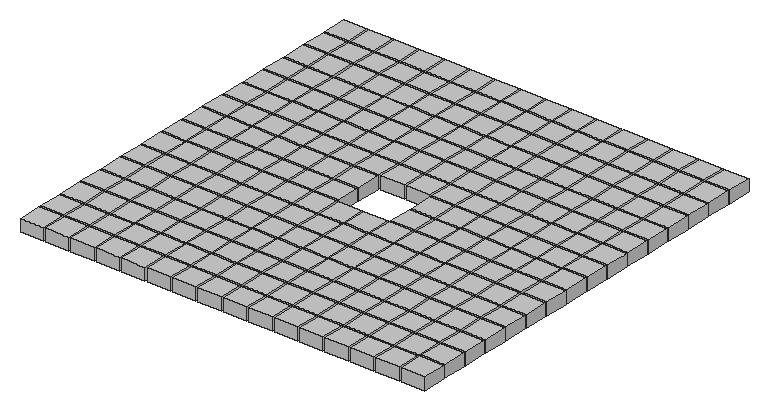
Revit family "Alcorque Ecológico", category Furniture, Revit 2020 (continued)
Dimensions and locks (m)
  equal spacing: plane 6129, plane 6130, plane 6131, plane 6132, plane 6133, plane 6134
  equal spacing: plane 6140, plane 6139, plane 6138, plane 6137, plane 6136, plane 6135
  equal spacing: plane 6141, plane 6142, plane 6143, plane 6144, plane 6145, plane 6146
  equal spacing: plane 6152, plane 6151, plane 6150, plane 6149, plane 6148, plane 6147
  equal spacing: plane 6153, plane 6154, plane 6155, plane 6156, plane 6157, plane 6158
  equal spacing: plane 6164, plane 6163, plane 6162, plane 6161, plane 6160, plane 6159
  equal spacing: plane 6165, plane 6166, plane 6167, plane 6168, plane 6169, plane 6170
  equal spacing: plane 6176, plane 6175, plane 6174, plane 6173, plane 6172, plane 6171
  equal spacing: plane 6177, plane 6178, plane 6179, plane 6180, plane 6181, plane 6182
  equal spacing: plane 6188, plane 6187, plane 6186, plane 6185, plane 6184, plane 6183
  equal spacing: plane 6189, plane 6190, plane 6191, plane 6192, plane 6193, plane 6194
  equal spacing: plane 6200, plane 6199, plane 6198, plane 6197, plane 6196, plane 6195
  equal spacing: plane 6201, plane 6202, plane 6203, plane 6204, plane 6205, plane 6206
  equal spacing: plane 6212, plane 6211, plane 6210, plane 6209, plane 6208, plane 6207
  equal spacing: plane 6213, plane 6214, plane 6215, plane 6216, plane 6217, plane 6218
  equal spacing: plane 6224, plane 6223, plane 6222, plane 6221, plane 6220, plane 6219
  equal spacing: plane 6225, plane 6226, plane 6227, plane 6228, plane 6229, plane 6230
  equal spacing: plane 6236, plane 6235, plane 6234, plane 6233, plane 6232, plane 6231
  equal spacing: plane 6237, plane 6238, plane 6239, plane 6240, plane 6241, plane 6242
  equal spacing: plane 6248, plane 6247, plane 6246, plane 6245, plane 6244, plane 6243
  equal spacing: plane 6249, plane 6250, plane 6251, plane 6252, plane 6253, plane 6254
  equal spacing: plane 6260, plane 6259, plane 6258, plane 6257, plane 6256, plane 6255
  equal spacing: plane 6261, plane 6262, plane 6263, plane 6264, plane 6265, plane 6266
  equal spacing: plane 6272, plane 6271, plane 6270, plane 6269, plane 6268, plane 6267
  equal spacing: plane 6273, plane 6274, plane 6275, plane 6276, plane 6277, plane 6278
  equal spacing: plane 6284, plane 6283, plane 6282, plane 6281, plane 6280, plane 6279
  equal spacing: plane 6285, plane 6286, plane 6287, plane 6288, plane 6289, plane 6290
  equal spacing: plane 6296, plane 6295, plane 6294, plane 6293, plane 6292, plane 6291
  equal spacing: plane 6297, plane 6298, plane 6299, plane 6300, plane 6301, plane 6302
  equal spacing: plane 6308, plane 6307, plane 6306, plane 6305, plane 6304, plane 6303
  equal spacing: plane 6309, plane 6310, plane 6311, plane 6312, plane 6313, plane 6314
  equal spacing: plane 6320, plane 6319, plane 6318, plane 6317, plane 6316, plane 6315
  equal spacing: plane 6321, plane 6322, plane 6323, plane 6324, plane 6325, plane 6326
  equal spacing: plane 6332, plane 6331, plane 6330, plane 6329, plane 6328, plane 6327
  equal spacing: plane 6333, plane 6334, plane 6335, plane 6336, plane 6337, plane 6338
  equal spacing: plane 6344, plane 6343, plane 6342, plane 6341, plane 6340, plane 6339
  equal spacing: plane 6345, plane 6346, plane 6347, plane 6348, plane 6349, plane 6350
  equal spacing: plane 6356, plane 6355, plane 6354, plane 6353, plane 6352, plane 6351
  equal spacing: plane 6357, plane 6358, plane 6359, plane 6360, plane 6361, plane 6362
  equal spacing: plane 6368, plane 6367, plane 6366, plane 6365, plane 6364, plane 6363
  equal spacing: plane 6369, plane 6370, plane 6371, plane 6372, plane 6373, plane 6374
  equal spacing: plane 6380, plane 6379, plane 6378, plane 6377, plane 6376, plane 6375
  equal spacing: plane 6381, plane 6382, plane 6383, plane 6384, plane 6385, plane 6386
  equal spacing: plane 6392, plane 6391, plane 6390, plane 6389, plane 6388, plane 6387
  equal spacing: plane 6393, plane 6394, plane 6395, plane 6396, plane 6397, plane 6398
  equal spacing: plane 6404, plane 6403, plane 6402, plane 6401, plane 6400, plane 6399
  equal spacing: plane 6405, plane 6406, plane 6407, plane 6408, plane 6409, plane 6410
  equal spacing: plane 6416, plane 6415, plane 6414, plane 6413, plane 6412, plane 6411
  equal spacing: plane 6417, plane 6418, plane 6419, plane 6420, plane 6421, plane 6422
  equal spacing: plane 6428, plane 6427, plane 6426, plane 6425, plane 6424, plane 6423
  equal spacing: plane 6429, plane 6430, plane 6431, plane 6432, plane 6433, plane 6434
  equal spacing: plane 6440, plane 6439, plane 6438, plane 6437, plane 6436, plane 6435
  equal spacing: plane 6441, plane 6442, plane 6443, plane 6444, plane 6445, plane 6446
  equal spacing: plane 6452, plane 6451, plane 6450, plane 6449, plane 6448, plane 6447
  equal spacing: plane 6453, plane 6454, plane 6455, plane 6456, plane 6457, plane 6458
  equal spacing: plane 6464, plane 6463, plane 6462, plane 6461, plane 6460, plane 6459
  equal spacing: plane 6465, plane 6466, plane 6467, plane 6468, plane 6469, plane 6470
  equal spacing: plane 6476, plane 6475, plane 6474, plane 6473, plane 6472, plane 6471
  equal spacing: plane 6477, plane 6478, plane 6479, plane 6480, plane 6481, plane 6482
  equal spacing: plane 6488, plane 6487, plane 6486, plane 6485, plane 6484, plane 6483
  equal spacing: plane 6489, plane 6490, plane 6491, plane 6492, plane 6493, plane 6494
  equal spacing: plane 6500, plane 6499, plane 6498, plane 6497, plane 6496, plane 6495
  equal spacing: plane 6501, plane 6502, plane 6503, plane 6504, plane 6505, plane 6506
  equal spacing: plane 6512, plane 6511, plane 6510, plane 6509, plane 6508, plane 6507
  equal spacing: plane 6513, plane 6514, plane 6515, plane 6516, plane 6517, plane 6518
  equal spacing: plane 6524, plane 6523, plane 6522, plane 6521, plane 6520, plane 6519
  equal spacing: plane 6525, plane 6526, plane 6527, plane 6528, plane 6529, plane 6530
  equal spacing: plane 6536, plane 6535, plane 6534, plane 6533, plane 6532, plane 6531
  equal spacing: plane 6537, plane 6538, plane 6539, plane 6540, plane 6541, plane 6542
  equal spacing: plane 6548, plane 6547, plane 6546, plane 6545, plane 6544, plane 6543
  equal spacing: plane 6549, plane 6550, plane 6551, plane 6552, plane 6553, plane 6554
  equal spacing: plane 6560, plane 6559, plane 6558, plane 6557, plane 6556, plane 6555
  equal spacing: plane 6561, plane 6562, plane 6563, plane 6564, plane 6565, plane 6566
  equal spacing: plane 6572, plane 6571, plane 6570, plane 6569, plane 6568, plane 6567
  equal spacing: plane 6573, plane 6574, plane 6575, plane 6576, plane 6577, plane 6578
  equal spacing: plane 6584, plane 6583, plane 6582, plane 6581, plane 6580, plane 6579
  equal spacing: plane 6585, plane 6586, plane 6587, plane 6588, plane 6589, plane 6590
  equal spacing: plane 6596, plane 6595, plane 6594, plane 6593, plane 6592, plane 6591
  equal spacing: plane 6597, plane 6598, plane 6599, plane 6600, plane 6601, plane 6602
  equal spacing: plane 6608, plane 6607, plane 6606, plane 6605, plane 6604, plane 6603
  equal spacing: plane 6609, plane 6610, plane 6611, plane 6612, plane 6613, plane 6614
  equal spacing: plane 6620, plane 6619, plane 6618, plane 6617, plane 6616, plane 6615
  equal spacing: plane 6621, plane 6622, plane 6623, plane 6624, plane 6625, plane 6626
  equal spacing: plane 6632, plane 6631, plane 6630, plane 6629, plane 6628, plane 6627
  equal spacing: plane 6633, plane 6634, plane 6635, plane 6636, plane 6637, plane 6638
  equal spacing: plane 6644, plane 6643, plane 6642, plane 6641, plane 6640, plane 6639
  equal spacing: plane 6645, plane 6646, plane 6647, plane 6648, plane 6649, plane 6650
  equal spacing: plane 6656, plane 6655, plane 6654, plane 6653, plane 6652, plane 6651
  equal spacing: plane 6657, plane 6658, plane 6659, plane 6660, plane 6661, plane 6662
  equal spacing: plane 6668, plane 6667, plane 6666, plane 6665, plane 6664, plane 6663
  equal spacing: plane 6669, plane 6670, plane 6671, plane 6672, plane 6673, plane 6674
  equal spacing: plane 6680, plane 6679, plane 6678, plane 6677, plane 6676, plane 6675
  equal spacing: plane 6681, plane 6682, plane 6683, plane 6684, plane 6685, plane 6686
  equal spacing: plane 6692, plane 6691, plane 6690, plane 6689, plane 6688, plane 6687
  equal spacing: plane 6693, plane 6694, plane 6695, plane 6696, plane 6697, plane 6698
  equal spacing: plane 6704, plane 6703, plane 6702, plane 6701, plane 6700, plane 6699
  equal spacing: plane 6705, plane 6706, plane 6707, plane 6708, plane 6709, plane 6710
  equal spacing: plane 6716, plane 6715, plane 6714, plane 6713, plane 6712, plane 6711
  equal spacing: plane 6717, plane 6718, plane 6719, plane 6720, plane 6721, plane 6722
  equal spacing: plane 6728, plane 6727, plane 6726, plane 6725, plane 6724, plane 6723
  equal spacing: plane 6729, plane 6730, plane 6731, plane 6732, plane 6733, plane 6734
  equal spacing: plane 6740, plane 6739, plane 6738, plane 6737, plane 6736, plane 6735
  equal spacing: plane 6741, plane 6742, plane 6743, plane 6744, plane 6745, plane 6746
  equal spacing: plane 6752, plane 6751, plane 6750, plane 6749, plane 6748, plane 6747
  equal spacing: plane 6753, plane 6754, plane 6755, plane 6756, plane 6757, plane 6758
  equal spacing: plane 6764, plane 6763, plane 6762, plane 6761, plane 6760, plane 6759
  equal spacing: plane 6765, plane 6766, plane 6767, plane 6768, plane 6769, plane 6770
  equal spacing: plane 6776, plane 6775, plane 6774, plane 6773, plane 6772, plane 6771
  equal spacing: plane 6777, plane 6778, plane 6779, plane 6780, plane 6781, plane 6782
  equal spacing: plane 6788, plane 6787, plane 6786, plane 6785, plane 6784, plane 6783
  equal spacing: plane 6789, plane 6790, plane 6791, plane 6792, plane 6793, plane 6794
  equal spacing: plane 6800, plane 6799, plane 6798, plane 6797, plane 6796, plane 6795
  equal spacing: plane 6801, plane 6802, plane 6803, plane 6804, plane 6805, plane 6806
  equal spacing: plane 6812, plane 6811, plane 6810, plane 6809, plane 6808, plane 6807
  equal spacing: plane 6813, plane 6814, plane 6815, plane 6816, plane 6817, plane 6818
  equal spacing: plane 6824, plane 6823, plane 6822, plane 6821, plane 6820, plane 6819
  equal spacing: plane 6825, plane 6826, plane 6827, plane 6828, plane 6829, plane 6830
  equal spacing: plane 6836, plane 6835, plane 6834, plane 6833, plane 6832, plane 6831
  equal spacing: plane 6837, plane 6838, plane 6839, plane 6840, plane 6841, plane 6842
  equal spacing: plane 6848, plane 6847, plane 6846, plane 6845, plane 6844, plane 6843
  equal spacing: plane 6849, plane 6850, plane 6851, plane 6852, plane 6853, plane 6854
  equal spacing: plane 6860, plane 6859, plane 6858, plane 6857, plane 6856, plane 6855
  equal spacing: plane 6861, plane 6862, plane 6863, plane 6864, plane 6865, plane 6866
  equal spacing: plane 6872, plane 6871, plane 6870, plane 6869, plane 6868, plane 6867
  equal spacing: plane 6873, plane 6874, plane 6875, plane 6876, plane 6877, plane 6878
  equal spacing: plane 6884, plane 6883, plane 6882, plane 6881, plane 6880, plane 6879
  equal spacing: plane 6885, plane 6886, plane 6887, plane 6888, plane 6889, plane 6890
  equal spacing: plane 6896, plane 6895, plane 6894, plane 6893, plane 6892, plane 6891
  equal spacing: plane 6897, plane 6898, plane 6899, plane 6900, plane 6901, plane 6902
  equal spacing: plane 6908, plane 6907, plane 6906, plane 6905, plane 6904, plane 6903
  equal spacing: plane 6909, plane 6910, plane 6911, plane 6912, plane 6913, plane 6914
  equal spacing: plane 6920, plane 6919, plane 6918, plane 6917, plane 6916, plane 6915
  equal spacing: plane 6921, plane 6922, plane 6923, plane 6924, plane 6925, plane 6926
  equal spacing: plane 6932, plane 6931, plane 6930, plane 6929, plane 6928, plane 6927
  equal spacing: plane 6933, plane 6934, plane 6935, plane 6936, plane 6937, plane 6938
  equal spacing: plane 6944, plane 6943, plane 6942, plane 6941, plane 6940, plane 6939
  equal spacing: plane 6945, plane 6946, plane 6947, plane 6948, plane 6949, plane 6950
  equal spacing: plane 6956, plane 6955, plane 6954, plane 6953, plane 6952, plane 6951
  equal spacing: plane 6957, plane 6958, plane 6959, plane 6960, plane 6961, plane 6962
  equal spacing: plane 6968, plane 6967, plane 6966, plane 6965, plane 6964, plane 6963
  equal spacing: plane 6969, plane 6970, plane 6971, plane 6972, plane 6973, plane 6974
  equal spacing: plane 6980, plane 6979, plane 6978, plane 6977, plane 6976, plane 6975
  equal spacing: plane 6981, plane 6982, plane 6983, plane 6984, plane 6985, plane 6986
  equal spacing: plane 6992, plane 6991, plane 6990, plane 6989, plane 6988, plane 6987
  equal spacing: plane 6993, plane 6994, plane 6995, plane 6996, plane 6997, plane 6998
  equal spacing: plane 7004, plane 7003, plane 7002, plane 7001, plane 7000, plane 6999
  equal spacing: plane 7005, plane 7006, plane 7007, plane 7008, plane 7009, plane 7010
  equal spacing: plane 7016, plane 7015, plane 7014, plane 7013, plane 7012, plane 7011
  equal spacing: plane 7017, plane 7018, plane 7019, plane 7020, plane 7021, plane 7022
  equal spacing: plane 7028, plane 7027, plane 7026, plane 7025, plane 7024, plane 7023
  equal spacing: plane 7029, plane 7030, plane 7031, plane 7032, plane 7033, plane 7034
  equal spacing: plane 7040, plane 7039, plane 7038, plane 7037, plane 7036, plane 7035
  equal spacing: plane 7041, plane 7042, plane 7043, plane 7044, plane 7045, plane 7046
  equal spacing: plane 7052, plane 7051, plane 7050, plane 7049, plane 7048, plane 7047
  equal spacing: plane 7053, plane 7054, plane 7055, plane 7056, plane 7057, plane 7058
  equal spacing: plane 7064, plane 7063, plane 7062, plane 7061, plane 7060, plane 7059
  equal spacing: plane 7065, plane 7066, plane 7067, plane 7068, plane 7069, plane 7070
  equal spacing: plane 7076, plane 7075, plane 7074, plane 7073, plane 7072, plane 7071
  equal spacing: plane 7077, plane 7078, plane 7079, plane 7080, plane 7081, plane 7082
  equal spacing: plane 7088, plane 7087, plane 7086, plane 7085, plane 7084, plane 7083
  equal spacing: plane 7089, plane 7090, plane 7091, plane 7092, plane 7093, plane 7094
  equal spacing: plane 7100, plane 7099, plane 7098, plane 7097, plane 7096, plane 7095
  equal spacing: plane 7101, plane 7102, plane 7103, plane 7104, plane 7105, plane 7106
  equal spacing: plane 7112, plane 7111, plane 7110, plane 7109, plane 7108, plane 7107
  equal spacing: plane 7113, plane 7114, plane 7115, plane 7116, plane 7117, plane 7118
  equal spacing: plane 7124, plane 7123, plane 7122, plane 7121, plane 7120, plane 7119
  equal spacing: plane 7125, plane 7126, plane 7127, plane 7128, plane 7129, plane 7130
  equal spacing: plane 7136, plane 7135, plane 7134, plane 7133, plane 7132, plane 7131
  equal spacing: plane 7137, plane 7138, plane 7139, plane 7140, plane 7141, plane 7142
  equal spacing: plane 7148, plane 7147, plane 7146, plane 7145, plane 7144, plane 7143
  equal spacing: plane 7149, plane 7150, plane 7151, plane 7152, plane 7153, plane 7154
  equal spacing: plane 7160, plane 7159, plane 7158, plane 7157, plane 7156, plane 7155
  equal spacing: plane 7161, plane 7162, plane 7163, plane 7164, plane 7165, plane 7166
  equal spacing: plane 7172, plane 7171, plane 7170, plane 7169, plane 7168, plane 7167
  equal spacing: plane 7173, plane 7174, plane 7175, plane 7176, plane 7177, plane 7178
  equal spacing: plane 7184, plane 7183, plane 7182, plane 7181, plane 7180, plane 7179
  equal spacing: plane 7185, plane 7186, plane 7187, plane 7188, plane 7189, plane 7190
  equal spacing: plane 7196, plane 7195, plane 7194, plane 7193, plane 7192, plane 7191
  equal spacing: plane 7197, plane 7198, plane 7199, plane 7200, plane 7201, plane 7202
  equal spacing: plane 7208, plane 7207, plane 7206, plane 7205, plane 7204, plane 7203
  equal spacing: plane 7209, plane 7210, plane 7211, plane 7212, plane 7213, plane 7214
  equal spacing: plane 7220, plane 7219, plane 7218, plane 7217, plane 7216, plane 7215
  equal spacing: plane 7221, plane 7222, plane 7223, plane 7224, plane 7225, plane 7226
  equal spacing: plane 7232, plane 7231, plane 7230, plane 7229, plane 7228, plane 7227
  equal spacing: plane 7233, plane 7234, plane 7235, plane 7236, plane 7237, plane 7238
  equal spacing: plane 7244, plane 7243, plane 7242, plane 7241, plane 7240, plane 7239
  equal spacing: plane 7245, plane 7246, plane 7247, plane 7248, plane 7249, plane 7250
  equal spacing: plane 7256, plane 7255, plane 7254, plane 7253, plane 7252, plane 7251
  equal spacing: plane 7257, plane 7258, plane 7259, plane 7260, plane 7261, plane 7262
  equal spacing: plane 7268, plane 7267, plane 7266, plane 7265, plane 7264, plane 7263
  equal spacing: plane 7269, plane 7270, plane 7271, plane 7272, plane 7273, plane 7274
  equal spacing: plane 7280, plane 7279, plane 7278, plane 7277, plane 7276, plane 7275
  equal spacing: plane 7281, plane 7282, plane 7283, plane 7284, plane 7285, plane 7286
  equal spacing: plane 7292, plane 7291, plane 7290, plane 7289, plane 7288, plane 7287
  equal spacing: plane 7293, plane 7294, plane 7295, plane 7296, plane 7297, plane 7298
  equal spacing: plane 7304, plane 7303, plane 7302, plane 7301, plane 7300, plane 7299
  equal spacing: plane 7305, plane 7306, plane 7307, plane 7308, plane 7309, plane 7310
  equal spacing: plane 7316, plane 7315, plane 7314, plane 7313, plane 7312, plane 7311
  equal spacing: plane 7317, plane 7318, plane 7319, plane 7320, plane 7321, plane 7322
  equal spacing: plane 7328, plane 7327, plane 7326, plane 7325, plane 7324, plane 7323
  equal spacing: plane 7329, plane 7330, plane 7331, plane 7332, plane 7333, plane 7334
  equal spacing: plane 7340, plane 7339, plane 7338, plane 7337, plane 7336, plane 7335
  equal spacing: plane 7341, plane 7342, plane 7343, plane 7344, plane 7345, plane 7346
  equal spacing: plane 7352, plane 7351, plane 7350, plane 7349, plane 7348, plane 7347
  equal spacing: plane 7353, plane 7354, plane 7355, plane 7356, plane 7357, plane 7358
  equal spacing: plane 7364, plane 7363, plane 7362, plane 7361, plane 7360, plane 7359
  equal spacing: plane 7365, plane 7366, plane 7367, plane 7368, plane 7369, plane 7370
  equal spacing: plane 7376, plane 7375, plane 7374, plane 7373, plane 7372, plane 7371
  equal spacing: plane 7377, plane 7378, plane 7379, plane 7380, plane 7381, plane 7382
  equal spacing: plane 7388, plane 7387, plane 7386, plane 7385, plane 7384, plane 7383
  equal spacing: plane 7389, plane 7390, plane 7391, plane 7392, plane 7393, plane 7394
  equal spacing: plane 7400, plane 7399, plane 7398, plane 7397, plane 7396, plane 7395
  equal spacing: plane 7401, plane 7402, plane 7403, plane 7404, plane 7405, plane 7406
  equal spacing: plane 7412, plane 7411, plane 7410, plane 7409, plane 7408, plane 7407
  equal spacing: plane 7413, plane 7414, plane 7415, plane 7416, plane 7417, plane 7418
  equal spacing: plane 7424, plane 7423, plane 7422, plane 7421, plane 7420, plane 7419
  equal spacing: plane 7425, plane 7426, plane 7427, plane 7428, plane 7429, plane 7430
  equal spacing: plane 7436, plane 7435, plane 7434, plane 7433, plane 7432, plane 7431
  equal spacing: plane 7437, plane 7438, plane 7439, plane 7440, plane 7441, plane 7442
  equal spacing: plane 7448, plane 7447, plane 7446, plane 7445, plane 7444, plane 7443
  equal spacing: plane 7449, plane 7450, plane 7451, plane 7452, plane 7453, plane 7454
  equal spacing: plane 7460, plane 7459, plane 7458, plane 7457, plane 7456, plane 7455
  equal spacing: plane 7461, plane 7462, plane 7463, plane 7464, plane 7465, plane 7466
  equal spacing: plane 7472, plane 7471, plane 7470, plane 7469, plane 7468, plane 7467
  equal spacing: plane 7473, plane 7474, plane 7475, plane 7476, plane 7477, plane 7478
  equal spacing: plane 7484, plane 7483, plane 7482, plane 7481, plane 7480, plane 7479
  equal spacing: plane 7485, plane 7486, plane 7487, plane 7488, plane 7489, plane 7490
  equal spacing: plane 7496, plane 7495, plane 7494, plane 7493, plane 7492, plane 7491
  equal spacing: plane 7497, plane 7498, plane 7499, plane 7500, plane 7501, plane 7502
  equal spacing: plane 7508, plane 7507, plane 7506, plane 7505, plane 7504, plane 7503
  equal spacing: plane 7509, plane 7510, plane 7511, plane 7512, plane 7513, plane 7514
  equal spacing: plane 7520, plane 7519, plane 7518, plane 7517, plane 7516, plane 7515
  equal spacing: plane 7521, plane 7522, plane 7523, plane 7524, plane 7525, plane 7526
  equal spacing: plane 7532, plane 7531, plane 7530, plane 7529, plane 7528, plane 7527
  equal spacing: plane 7533, plane 7534, plane 7535, plane 7536, plane 7537, plane 7538
  equal spacing: plane 7544, plane 7543, plane 7542, plane 7541, plane 7540, plane 7539
  equal spacing: plane 7545, plane 7546, plane 7547, plane 7548, plane 7549, plane 7550
  equal spacing: plane 7556, plane 7555, plane 7554, plane 7553, plane 7552, plane 7551
  equal spacing: plane 7557, plane 7558, plane 7559, plane 7560, plane 7561, plane 7562
  equal spacing: plane 7568, plane 7567, plane 7566, plane 7565, plane 7564, plane 7563
  equal spacing: plane 7569, plane 7570, plane 7571, plane 7572, plane 7573, plane 7574
  equal spacing: plane 7580, plane 7579, plane 7578, plane 7577, plane 7576, plane 7575
  equal spacing: plane 7581, plane 7582, plane 7583, plane 7584, plane 7585, plane 7586
  equal spacing: plane 7592, plane 7591, plane 7590, plane 7589, plane 7588, plane 7587
  equal spacing: plane 7593, plane 7594, plane 7595, plane 7596, plane 7597, plane 7598
  equal spacing: plane 7604, plane 7603, plane 7602, plane 7601, plane 7600, plane 7599
  equal spacing: plane 7605, plane 7606, plane 7607, plane 7608, plane 7609, plane 7610
  equal spacing: plane 7616, plane 7615, plane 7614, plane 7613, plane 7612, plane 7611
  equal spacing: plane 7617, plane 7618, plane 7619, plane 7620, plane 7621, plane 7622
  equal spacing: plane 7628, plane 7627, plane 7626, plane 7625, plane 7624, plane 7623
  equal spacing: plane 7629, plane 7630, plane 7631, plane 7632, plane 7633, plane 7634
  equal spacing: plane 7640, plane 7639, plane 7638, plane 7637, plane 7636, plane 7635
  equal spacing: plane 7641, plane 7642, plane 7643, plane 7644, plane 7645, plane 7646
  equal spacing: plane 7652, plane 7651, plane 7650, plane 7649, plane 7648, plane 7647
  equal spacing: plane 7653, plane 7654, plane 7655, plane 7656, plane 7657, plane 7658
  equal spacing: plane 7664, plane 7663, plane 7662, plane 7661, plane 7660, plane 7659
  equal spacing: plane 7665, plane 7666, plane 7667, plane 7668, plane 7669, plane 7670
  equal spacing: plane 7676, plane 7675, plane 7674, plane 7673, plane 7672, plane 7671
  equal spacing: plane 7677, plane 7678, plane 7679, plane 7680, plane 7681, plane 7682
  equal spacing: plane 7688, plane 7687, plane 7686, plane 7685, plane 7684, plane 7683
  equal spacing: plane 7689, plane 7690, plane 7691, plane 7692, plane 7693, plane 7694
  equal spacing: plane 7700, plane 7699, plane 7698, plane 7697, plane 7696, plane 7695
  equal spacing: plane 7701, plane 7702, plane 7703, plane 7704, plane 7705, plane 7706
  equal spacing: plane 7712, plane 7711, plane 7710, plane 7709, plane 7708, plane 7707
  equal spacing: plane 7713, plane 7714, plane 7715, plane 7716, plane 7717, plane 7718
  equal spacing: plane 7724, plane 7723, plane 7722, plane 7721, plane 7720, plane 7719
  equal spacing: plane 7725, plane 7726, plane 7727, plane 7728, plane 7729, plane 7730
  equal spacing: plane 7736, plane 7735, plane 7734, plane 7733, plane 7732, plane 7731
  equal spacing: plane 7737, plane 7738, plane 7739, plane 7740, plane 7741, plane 7742
  equal spacing: plane 7748, plane 7747, plane 7746, plane 7745, plane 7744, plane 7743
  equal spacing: plane 7749, plane 7750, plane 7751, plane 7752, plane 7753, plane 7754
  equal spacing: plane 7760, plane 7759, plane 7758, plane 7757, plane 7756, plane 7755
  equal spacing: plane 7761, plane 7762, plane 7763, plane 7764, plane 7765, plane 7766
  equal spacing: plane 7772, plane 7771, plane 7770, plane 7769, plane 7768, plane 7767
  equal spacing: plane 7773, plane 7774, plane 7775, plane 7776, plane 7777, plane 7778
  equal spacing: plane 7784, plane 7783, plane 7782, plane 7781, plane 7780, plane 7779
  equal spacing: plane 7785, plane 7786, plane 7787, plane 7788, plane 7789, plane 7790
  equal spacing: plane 7796, plane 7795, plane 7794, plane 7793, plane 7792, plane 7791
  equal spacing: plane 7797, plane 7798, plane 7799, plane 7800, plane 7801, plane 7802
  equal spacing: plane 7808, plane 7807, plane 7806, plane 7805, plane 7804, plane 7803
  equal spacing: plane 7809, plane 7810, plane 7811, plane 7812, plane 7813, plane 7814
  equal spacing: plane 7820, plane 7819, plane 7818, plane 7817, plane 7816, plane 7815
  equal spacing: plane 7821, plane 7822, plane 7823, plane 7824, plane 7825, plane 7826
  equal spacing: plane 7832, plane 7831, plane 7830, plane 7829, plane 7828, plane 7827
  equal spacing: plane 7833, plane 7834, plane 7835, plane 7836, plane 7837, plane 7838
  equal spacing: plane 7844, plane 7843, plane 7842, plane 7841, plane 7840, plane 7839
  equal spacing: plane 7845, plane 7846, plane 7847, plane 7848, plane 7849, plane 7850
  equal spacing: plane 7856, plane 7855, plane 7854, plane 7853, plane 7852, plane 7851
  equal spacing: plane 7857, plane 7858, plane 7859, plane 7860, plane 7861, plane 7862
  equal spacing: plane 7868, plane 7867, plane 7866, plane 7865, plane 7864, plane 7863
  equal spacing: plane 7869, plane 7870, plane 7871, plane 7872, plane 7873, plane 7874
  equal spacing: plane 7880, plane 7879, plane 7878, plane 7877, plane 7876, plane 7875
  equal spacing: plane 7881, plane 7882, plane 7883, plane 7884, plane 7885, plane 7886
  equal spacing: plane 7892, plane 7891, plane 7890, plane 7889, plane 7888, plane 7887
  equal spacing: plane 7893, plane 7894, plane 7895, plane 7896, plane 7897, plane 7898
  equal spacing: plane 7904, plane 7903, plane 7902, plane 7901, plane 7900, plane 7899
  equal spacing: plane 7905, plane 7906, plane 7907, plane 7908, plane 7909, plane 7910
  equal spacing: plane 7916, plane 7915, plane 7914, plane 7913, plane 7912, plane 7911
  equal spacing: plane 7917, plane 7918, plane 7919, plane 7920, plane 7921, plane 7922
  equal spacing: plane 7928, plane 7927, plane 7926, plane 7925, plane 7924, plane 7923
  equal spacing: plane 7929, plane 7930, plane 7931, plane 7932, plane 7933, plane 7934
  equal spacing: plane 7940, plane 7939, plane 7938, plane 7937, plane 7936, plane 7935
  equal spacing: plane 7941, plane 7942, plane 7943, plane 7944, plane 7945, plane 7946
  equal spacing: plane 7952, plane 7951, plane 7950, plane 7949, plane 7948, plane 7947
  equal spacing: plane 7953, plane 7954, plane 7955, plane 7956, plane 7957, plane 7958
  equal spacing: plane 7964, plane 7963, plane 7962, plane 7961, plane 7960, plane 7959
  equal spacing: plane 7965, plane 7966, plane 7967, plane 7968, plane 7969, plane 7970
  equal spacing: plane 7976, plane 7975, plane 7974, plane 7973, plane 7972, plane 7971
  equal spacing: plane 7977, plane 7978, plane 7979, plane 7980, plane 7981, plane 7982
  equal spacing: plane 7988, plane 7987, plane 7986, plane 7985, plane 7984, plane 7983
  equal spacing: plane 7989, plane 7990, plane 7991, plane 7992, plane 7993, plane 7994
  equal spacing: plane 8000, plane 7999, plane 7998, plane 7997, plane 7996, plane 7995
  equal spacing: plane 8001, plane 8002, plane 8003, plane 8004, plane 8005, plane 8006
  equal spacing: plane 8012, plane 8011, plane 8010, plane 8009, plane 8008, plane 8007
  equal spacing: plane 8013, plane 8014, plane 8015, plane 8016, plane 8017, plane 8018
  equal spacing: plane 8024, plane 8023, plane 8022, plane 8021, plane 8020, plane 8019
  equal spacing: plane 8025, plane 8026, plane 8027, plane 8028, plane 8029, plane 8030
  equal spacing: plane 8036, plane 8035, plane 8034, plane 8033, plane 8032, plane 8031
  equal spacing: plane 8037, plane 8038, plane 8039, plane 8040, plane 8041, plane 8042
  equal spacing: plane 8048, plane 8047, plane 8046, plane 8045, plane 8044, plane 8043
  equal spacing: plane 8049, plane 8050, plane 8051, plane 8052, plane 8053, plane 8054
  equal spacing: plane 8060, plane 8059, plane 8058, plane 8057, plane 8056, plane 8055
  equal spacing: plane 8061, plane 8062, plane 8063, plane 8064, plane 8065, plane 8066
  equal spacing: plane 8072, plane 8071, plane 8070, plane 8069, plane 8068, plane 8067
  equal spacing: plane 8073, plane 8074, plane 8075, plane 8076, plane 8077, plane 8078
  equal spacing: plane 8084, plane 8083, plane 8082, plane 8081, plane 8080, plane 8079
  equal spacing: plane 8085, plane 8086, plane 8087, plane 8088, plane 8089, plane 8090
  equal spacing: plane 8096, plane 8095, plane 8094, plane 8093, plane 8092, plane 8091
  equal spacing: plane 8097, plane 8098, plane 8099, plane 8100, plane 8101, plane 8102
  equal spacing: plane 8108, plane 8107, plane 8106, plane 8105, plane 8104, plane 8103
  equal spacing: plane 8109, plane 8110, plane 8111, plane 8112, plane 8113, plane 8114
  equal spacing: plane 8120, plane 8119, plane 8118, plane 8117, plane 8116, plane 8115
  equal spacing: plane 8121, plane 8122, plane 8123, plane 8124, plane 8125, plane 8126
  equal spacing: plane 8132, plane 8131, plane 8130, plane 8129, plane 8128, plane 8127
  equal spacing: plane 8133, plane 8134, plane 8135, plane 8136, plane 8137, plane 8138
  equal spacing: plane 8144, plane 8143, plane 8142, plane 8141, plane 8140, plane 8139
  equal spacing: plane 8145, plane 8146, plane 8147, plane 8148, plane 8149, plane 8150
  equal spacing: plane 8156, plane 8155, plane 8154, plane 8153, plane 8152, plane 8151
  equal spacing: plane 8157, plane 8158, plane 8159, plane 8160, plane 8161, plane 8162
  equal spacing: plane 8168, plane 8167, plane 8166, plane 8165, plane 8164, plane 8163
  equal spacing: plane 8169, plane 8170, plane 8171, plane 8172, plane 8173, plane 8174
  equal spacing: plane 8180, plane 8179, plane 8178, plane 8177, plane 8176, plane 8175
  equal spacing: plane 8181, plane 8182, plane 8183, plane 8184, plane 8185, plane 8186
  equal spacing: plane 8192, plane 8191, plane 8190, plane 8189, plane 8188, plane 8187
  equal spacing: plane 8193, plane 8194, plane 8195, plane 8196, plane 8197, plane 8198
  equal spacing: plane 8204, plane 8203, plane 8202, plane 8201, plane 8200, plane 8199
  equal spacing: plane 8205, plane 8206, plane 8207, plane 8208, plane 8209, plane 8210
  equal spacing: plane 8216, plane 8215, plane 8214, plane 8213, plane 8212, plane 8211
  equal spacing: plane 8217, plane 8218, plane 8219, plane 8220, plane 8221, plane 8222
  equal spacing: plane 8228, plane 8227, plane 8226, plane 8225, plane 8224, plane 8223
  equal spacing: plane 8229, plane 8230, plane 8231, plane 8232, plane 8233, plane 8234
  equal spacing: plane 8240, plane 8239, plane 8238, plane 8237, plane 8236, plane 8235
  equal spacing: plane 8241, plane 8242, plane 8243, plane 8244, plane 8245, plane 8246
  equal spacing: plane 8252, plane 8251, plane 8250, plane 8249, plane 8248, plane 8247
  equal spacing: plane 8253, plane 8254, plane 8255, plane 8256, plane 8257, plane 8258
  equal spacing: plane 8264, plane 8263, plane 8262, plane 8261, plane 8260, plane 8259
  equal spacing: plane 8265, plane 8266, plane 8267, plane 8268, plane 8269, plane 8270
  equal spacing: plane 8276, plane 8275, plane 8274, plane 8273, plane 8272, plane 8271
  equal spacing: plane 8277, plane 8278, plane 8279, plane 8280, plane 8281, plane 8282
  equal spacing: plane 8288, plane 8287, plane 8286, plane 8285, plane 8284, plane 8283
  equal spacing: plane 8289, plane 8290, plane 8291, plane 8292, plane 8293, plane 8294
  equal spacing: plane 8300, plane 8299, plane 8298, plane 8297, plane 8296, plane 8295
  equal spacing: plane 8301, plane 8302, plane 8303, plane 8304, plane 8305, plane 8306
  equal spacing: plane 8312, plane 8311, plane 8310, plane 8309, plane 8308, plane 8307
  equal spacing: plane 8313, plane 8314, plane 8315, plane 8316, plane 8317, plane 8318
  equal spacing: plane 8324, plane 8323, plane 8322, plane 8321, plane 8320, plane 8319
  equal spacing: plane 8325, plane 8326, plane 8327, plane 8328, plane 8329, plane 8330
  equal spacing: plane 8336, plane 8335, plane 8334, plane 8333, plane 8332, plane 8331
  equal spacing: plane 8337, plane 8338, plane 8339, plane 8340, plane 8341, plane 8342
  equal spacing: plane 8348, plane 8347, plane 8346, plane 8345, plane 8344, plane 8343
  equal spacing: plane 8349, plane 8350, plane 8351, plane 8352, plane 8353, plane 8354
  equal spacing: plane 8360, plane 8359, plane 8358, plane 8357, plane 8356, plane 8355
  equal spacing: plane 8361, plane 8362, plane 8363, plane 8364, plane 8365, plane 8366
  equal spacing: plane 8372, plane 8371, plane 8370, plane 8369, plane 8368, plane 8367
  equal spacing: plane 8373, plane 8374, plane 8375, plane 8376, plane 8377, plane 8378
  equal spacing: plane 8384, plane 8383, plane 8382, plane 8381, plane 8380, plane 8379
  equal spacing: plane 8385, plane 8386, plane 8387, plane 8388, plane 8389, plane 8390
  equal spacing: plane 8396, plane 8395, plane 8394, plane 8393, plane 8392, plane 8391
  equal spacing: plane 8397, plane 8398, plane 8399, plane 8400, plane 8401, plane 8402
  equal spacing: plane 8408, plane 8407, plane 8406, plane 8405, plane 8404, plane 8403
  equal spacing: plane 8409, plane 8410, plane 8411, plane 8412, plane 8413, plane 8414
  equal spacing: plane 8420, plane 8419, plane 8418, plane 8417, plane 8416, plane 8415
  equal spacing: plane 8421, plane 8422, plane 8423, plane 8424, plane 8425, plane 8426
  equal spacing: plane 8432, plane 8431, plane 8430, plane 8429, plane 8428, plane 8427
  equal spacing: plane 8433, plane 8434, plane 8435, plane 8436, plane 8437, plane 8438
  equal spacing: plane 8444, plane 8443, plane 8442, plane 8441, plane 8440, plane 8439
  equal spacing: plane 8445, plane 8446, plane 8447, plane 8448, plane 8449, plane 8450
  equal spacing: plane 8456, plane 8455, plane 8454, plane 8453, plane 8452, plane 8451
  equal spacing: plane 8457, plane 8458, plane 8459, plane 8460, plane 8461, plane 8462
  equal spacing: plane 8468, plane 8467, plane 8466, plane 8465, plane 8464, plane 8463
  equal spacing: plane 8469, plane 8470, plane 8471, plane 8472, plane 8473, plane 8474
  equal spacing: plane 8480, plane 8479, plane 8478, plane 8477, plane 8476, plane 8475
  equal spacing: plane 8481, plane 8482, plane 8483, plane 8484, plane 8485, plane 8486
  equal spacing: plane 8492, plane 8491, plane 8490, plane 8489, plane 8488, plane 8487
  equal spacing: plane 8493, plane 8494, plane 8495, plane 8496, plane 8497, plane 8498
  equal spacing: plane 8504, plane 8503, plane 8502, plane 8501, plane 8500, plane 8499
  equal spacing: plane 8505, plane 8506, plane 8507, plane 8508, plane 8509, plane 8510
  equal spacing: plane 8516, plane 8515, plane 8514, plane 8513, plane 8512, plane 8511
  equal spacing: plane 8517, plane 8518, plane 8519, plane 8520, plane 8521, plane 8522
  equal spacing: plane 8528, plane 8527, plane 8526, plane 8525, plane 8524, plane 8523
  equal spacing: plane 8529, plane 8530, plane 8531, plane 8532, plane 8533, plane 8534
  equal spacing: plane 8540, plane 8539, plane 8538, plane 8537, plane 8536, plane 8535
  equal spacing: plane 8541, plane 8542, plane 8543, plane 8544, plane 8545, plane 8546
  equal spacing: plane 8552, plane 8551, plane 8550, plane 8549, plane 8548, plane 8547
  equal spacing: plane 8553, plane 8554, plane 8555, plane 8556, plane 8557, plane 8558
  equal spacing: plane 8564, plane 8563, plane 8562, plane 8561, plane 8560, plane 8559
  equal spacing: plane 8565, plane 8566, plane 8567, plane 8568, plane 8569, plane 8570
  equal spacing: plane 8576, plane 8575, plane 8574, plane 8573, plane 8572, plane 8571
  equal spacing: plane 8577, plane 8578, plane 8579, plane 8580, plane 8581, plane 8582
  equal spacing: plane 8588, plane 8587, plane 8586, plane 8585, plane 8584, plane 8583
  equal spacing: plane 8589, plane 8590, plane 8591, plane 8592, plane 8593, plane 8594
  equal spacing: plane 8600, plane 8599, plane 8598, plane 8597, plane 8596, plane 8595
  equal spacing: plane 8601, plane 8602, plane 8603, plane 8604, plane 8605, plane 8606
  equal spacing: plane 8612, plane 8611, plane 8610, plane 8609, plane 8608, plane 8607
  equal spacing: plane 8613, plane 8614, plane 8615, plane 8616, plane 8617, plane 8618
  equal spacing: plane 8624, plane 8623, plane 8622, plane 8621, plane 8620, plane 8619
  equal spacing: plane 8625, plane 8626, plane 8627, plane 8628, plane 8629, plane 8630
  equal spacing: plane 8636, plane 8635, plane 8634, plane 8633, plane 8632, plane 8631
  equal spacing: plane 8637, plane 8638, plane 8639, plane 8640, plane 8641, plane 8642
  equal spacing: plane 8648, plane 8647, plane 8646, plane 8645, plane 8644, plane 8643
  equal spacing: plane 8649, plane 8650, plane 8651, plane 8652, plane 8653, plane 8654
  equal spacing: plane 8660, plane 8659, plane 8658, plane 8657, plane 8656, plane 8655
  equal spacing: plane 8661, plane 8662, plane 8663, plane 8664, plane 8665, plane 8666
  equal spacing: plane 8672, plane 8671, plane 8670, plane 8669, plane 8668, plane 8667
  equal spacing: plane 8673, plane 8674, plane 8675, plane 8676, plane 8677, plane 8678
  equal spacing: plane 8684, plane 8683, plane 8682, plane 8681, plane 8680, plane 8679
  equal spacing: plane 8685, plane 8686, plane 8687, plane 8688, plane 8689, plane 8690
  equal spacing: plane 8696, plane 8695, plane 8694, plane 8693, plane 8692, plane 8691
  equal spacing: plane 8697, plane 8698, plane 8699, plane 8700, plane 8701, plane 8702
  equal spacing: plane 8708, plane 8707, plane 8706, plane 8705, plane 8704, plane 8703
  equal spacing: plane 8709, plane 8710, plane 8711, plane 8712, plane 8713, plane 8714
  equal spacing: plane 8720, plane 8719, plane 8718, plane 8717, plane 8716, plane 8715
  equal spacing: plane 8721, plane 8722, plane 8723, plane 8724, plane 8725, plane 8726
  equal spacing: plane 8732, plane 8731, plane 8730, plane 8729, plane 8728, plane 8727
  equal spacing: plane 8733, plane 8734, plane 8735, plane 8736, plane 8737, plane 8738
  equal spacing: plane 8744, plane 8743, plane 8742, plane 8741, plane 8740, plane 8739
  equal spacing: plane 8745, plane 8746, plane 8747, plane 8748, plane 8749, plane 8750
  equal spacing: plane 8756, plane 8755, plane 8754, plane 8753, plane 8752, plane 8751
  equal spacing: plane 8757, plane 8758, plane 8759, plane 8760, plane 8761, plane 8762
  equal spacing: plane 8768, plane 8767, plane 8766, plane 8765, plane 8764, plane 8763
  equal spacing: plane 8769, plane 8770, plane 8771, plane 8772, plane 8773, plane 8774
  equal spacing: plane 8780, plane 8779, plane 8778, plane 8777, plane 8776, plane 8775
  equal spacing: plane 8781, plane 8782, plane 8783, plane 8784, plane 8785, plane 8786
  equal spacing: plane 8792, plane 8791, plane 8790, plane 8789, plane 8788, plane 8787
  equal spacing: plane 8793, plane 8794, plane 8795, plane 8796, plane 8797, plane 8798
  equal spacing: plane 8804, plane 8803, plane 8802, plane 8801, plane 8800, plane 8799
  equal spacing: plane 8805, plane 8806, plane 8807, plane 8808, plane 8809, plane 8810
  equal spacing: plane 8816, plane 8815, plane 8814, plane 8813, plane 8812, plane 8811
  equal spacing: plane 8817, plane 8818, plane 8819, plane 8820, plane 8821, plane 8822
  equal spacing: plane 8828, plane 8827, plane 8826, plane 8825, plane 8824, plane 8823
  equal spacing: plane 8829, plane 8830, plane 8831, plane 8832, plane 8833, plane 8834
  equal spacing: plane 8840, plane 8839, plane 8838, plane 8837, plane 8836, plane 8835
  equal spacing: plane 8841, plane 8842, plane 8843, plane 8844, plane 8845, plane 8846
  equal spacing: plane 8852, plane 8851, plane 8850, plane 8849, plane 8848, plane 8847
  equal spacing: plane 8853, plane 8854, plane 8855, plane 8856, plane 8857, plane 8858
  equal spacing: plane 8864, plane 8863, plane 8862, plane 8861, plane 8860, plane 8859
  equal spacing: plane 8865, plane 8866, plane 8867, plane 8868, plane 8869, plane 8870
  equal spacing: plane 8876, plane 8875, plane 8874, plane 8873, plane 8872, plane 8871
  equal spacing: plane 8877, plane 8878, plane 8879, plane 8880, plane 8881, plane 8882
  equal spacing: plane 8888, plane 8887, plane 8886, plane 8885, plane 8884, plane 8883
  equal spacing: plane 8889, plane 8890, plane 8891, plane 8892, plane 8893, plane 8894
  equal spacing: plane 8900, plane 8899, plane 8898, plane 8897, plane 8896, plane 8895
  equal spacing: plane 8901, plane 8902, plane 8903, plane 8904, plane 8905, plane 8906
  equal spacing: plane 8912, plane 8911, plane 8910, plane 8909, plane 8908, plane 8907
  equal spacing: plane 8913, plane 8914, plane 8915, plane 8916, plane 8917, plane 8918
  equal spacing: plane 8924, plane 8923, plane 8922, plane 8921, plane 8920, plane 8919
  equal spacing: plane 8925, plane 8926, plane 8927, plane 8928, plane 8929, plane 8930
  equal spacing: plane 8936, plane 8935, plane 8934, plane 8933, plane 8932, plane 8931
  equal spacing: plane 8937, plane 8938, plane 8939, plane 8940, plane 8941, plane 8942
  equal spacing: plane 8948, plane 8947, plane 8946, plane 8945, plane 8944, plane 8943
  equal spacing: plane 8949, plane 8950, plane 8951, plane 8952, plane 8953, plane 8954
  equal spacing: plane 8960, plane 8959, plane 8958, plane 8957, plane 8956, plane 8955
  equal spacing: plane 8961, plane 8962, plane 8963, plane 8964, plane 8965, plane 8966
  equal spacing: plane 8972, plane 8971, plane 8970, plane 8969, plane 8968, plane 8967
  equal spacing: plane 8973, plane 8974, plane 8975, plane 8976, plane 8977, plane 8978
  equal spacing: plane 8984, plane 8983, plane 8982, plane 8981, plane 8980, plane 8979
  equal spacing: plane 8985, plane 8986, plane 8987, plane 8988, plane 8989, plane 8990
  equal spacing: plane 8996, plane 8995, plane 8994, plane 8993, plane 8992, plane 8991
  equal spacing: plane 8997, plane 8998, plane 8999, plane 9000, plane 9001, plane 9002
  equal spacing: plane 9008, plane 9007, plane 9006, plane 9005, plane 9004, plane 9003
  equal spacing: plane 9009, plane 9010, plane 9011, plane 9012, plane 9013, plane 9014
  equal spacing: plane 9020, plane 9019, plane 9018, plane 9017, plane 9016, plane 9015
  equal spacing: plane 9021, plane 9022, plane 9023, plane 9024, plane 9025, plane 9026
  equal spacing: plane 9032, plane 9031, plane 9030, plane 9029, plane 9028, plane 9027
  equal spacing: plane 9033, plane 9034, plane 9035, plane 9036, plane 9037, plane 9038
  equal spacing: plane 9044, plane 9043, plane 9042, plane 9041, plane 9040, plane 9039
  equal spacing: plane 9045, plane 9046, plane 9047, plane 9048, plane 9049, plane 9050
  equal spacing: plane 9056, plane 9055, plane 9054, plane 9053, plane 9052, plane 9051
  equal spacing: plane 9057, plane 9058, plane 9059, plane 9060, plane 9061, plane 9062
  equal spacing: plane 9068, plane 9067, plane 9066, plane 9065, plane 9064, plane 9063
  equal spacing: plane 9069, plane 9070, plane 9071, plane 9072, plane 9073, plane 9074
  equal spacing: plane 9080, plane 9079, plane 9078, plane 9077, plane 9076, plane 9075
  equal spacing: plane 9081, plane 9082, plane 9083, plane 9084, plane 9085, plane 9086
  equal spacing: plane 9092, plane 9091, plane 9090, plane 9089, plane 9088, plane 9087
  equal spacing: plane 9093, plane 9094, plane 9095, plane 9096, plane 9097, plane 9098
  equal spacing: plane 9104, plane 9103, plane 9102, plane 9101, plane 9100, plane 9099
  equal spacing: plane 9105, plane 9106, plane 9107, plane 9108, plane 9109, plane 9110
  equal spacing: plane 9116, plane 9115, plane 9114, plane 9113, plane 9112, plane 9111
  equal spacing: plane 9117, plane 9118, plane 9119, plane 9120, plane 9121, plane 9122
  equal spacing: plane 9128, plane 9127, plane 9126, plane 9125, plane 9124, plane 9123
  equal spacing: plane 9129, plane 9130, plane 9131, plane 9132, plane 9133, plane 9134
  equal spacing: plane 9140, plane 9139, plane 9138, plane 9137, plane 9136, plane 9135
  equal spacing: plane 9141, plane 9142, plane 9143, plane 9144, plane 9145, plane 9146
  equal spacing: plane 9152, plane 9151, plane 9150, plane 9149, plane 9148, plane 9147
  equal spacing: plane 9153, plane 9154, plane 9155, plane 9156, plane 9157, plane 9158
  equal spacing: plane 9164, plane 9163, plane 9162, plane 9161, plane 9160, plane 9159
  equal spacing: plane 9165, plane 9166, plane 9167, plane 9168, plane 9169, plane 9170
  equal spacing: plane 9176, plane 9175, plane 9174, plane 9173, plane 9172, plane 9171
  equal spacing: plane 9177, plane 9178, plane 9179, plane 9180, plane 9181, plane 9182
  equal spacing: plane 9188, plane 9187, plane 9186, plane 9185, plane 9184, plane 9183
  equal spacing: plane 9189, plane 9190, plane 9191, plane 9192, plane 9193, plane 9194
  equal spacing: plane 9200, plane 9199, plane 9198, plane 9197, plane 9196, plane 9195
  equal spacing: plane 9201, plane 9202, plane 9203, plane 9204, plane 9205, plane 9206
  equal spacing: plane 9212, plane 9211, plane 9210, plane 9209, plane 9208, plane 9207
  equal spacing: plane 9213, plane 9214, plane 9215, plane 9216, plane 9217, plane 9218
  equal spacing: plane 9224, plane 9223, plane 9222, plane 9221, plane 9220, plane 9219
  equal spacing: plane 9225, plane 9226, plane 9227, plane 9228, plane 9229, plane 9230
  equal spacing: plane 9236, plane 9235, plane 9234, plane 9233, plane 9232, plane 9231
  equal spacing: plane 9237, plane 9238, plane 9239, plane 9240, plane 9241, plane 9242
  equal spacing: plane 9248, plane 9247, plane 9246, plane 9245, plane 9244, plane 9243
  equal spacing: plane 9249, plane 9250, plane 9251, plane 9252, plane 9253, plane 9254
  equal spacing: plane 9260, plane 9259, plane 9258, plane 9257, plane 9256, plane 9255
  equal spacing: plane 9261, plane 9262, plane 9263, plane 9264, plane 9265, plane 9266
  equal spacing: plane 9272, plane 9271, plane 9270, plane 9269, plane 9268, plane 9267
  equal spacing: plane 9273, plane 9274, plane 9275, plane 9276, plane 9277, plane 9278
  equal spacing: plane 9284, plane 9283, plane 9282, plane 9281, plane 9280, plane 9279
  equal spacing: plane 9285, plane 9286, plane 9287, plane 9288, plane 9289, plane 9290
  equal spacing: plane 9296, plane 9295, plane 9294, plane 9293, plane 9292, plane 9291
  equal spacing: plane 9297, plane 9298, plane 9299, plane 9300, plane 9301, plane 9302
  equal spacing: plane 9308, plane 9307, plane 9306, plane 9305, plane 9304, plane 9303
  equal spacing: plane 9309, plane 9310, plane 9311, plane 9312, plane 9313, plane 9314
  equal spacing: plane 9320, plane 9319, plane 9318, plane 9317, plane 9316, plane 9315
  equal spacing: plane 9321, plane 9322, plane 9323, plane 9324, plane 9325, plane 9326
  equal spacing: plane 9332, plane 9331, plane 9330, plane 9329, plane 9328, plane 9327
  equal spacing: plane 9333, plane 9334, plane 9335, plane 9336, plane 9337, plane 9338
  equal spacing: plane 9344, plane 9343, plane 9342, plane 9341, plane 9340, plane 9339
  equal spacing: plane 9345, plane 9346, plane 9347, plane 9348, plane 9349, plane 9350
  equal spacing: plane 9356, plane 9355, plane 9354, plane 9353, plane 9352, plane 9351
  equal spacing: plane 9357, plane 9358, plane 9359, plane 9360, plane 9361, plane 9362
  equal spacing: plane 9368, plane 9367, plane 9366, plane 9365, plane 9364, plane 9363
  equal spacing: plane 9369, plane 9370, plane 9371, plane 9372, plane 9373, plane 9374
  equal spacing: plane 9380, plane 9379, plane 9378, plane 9377, plane 9376, plane 9375
  equal spacing: plane 9381, plane 9382, plane 9383, plane 9384, plane 9385, plane 9386
  equal spacing: plane 9392, plane 9391, plane 9390, plane 9389, plane 9388, plane 9387
  equal spacing: plane 9393, plane 9394, plane 9395, plane 9396, plane 9397, plane 9398
  equal spacing: plane 9404, plane 9403, plane 9402, plane 9401, plane 9400, plane 9399
  equal spacing: plane 9405, plane 9406, plane 9407, plane 9408, plane 9409, plane 9410
  equal spacing: plane 9416, plane 9415, plane 9414, plane 9413, plane 9412, plane 9411
  equal spacing: plane 9417, plane 9418, plane 9419, plane 9420, plane 9421, plane 9422
  equal spacing: plane 9428, plane 9427, plane 9426, plane 9425, plane 9424, plane 9423
  equal spacing: plane 9429, plane 9430, plane 9431, plane 9432, plane 9433, plane 9434
  equal spacing: plane 9440, plane 9439, plane 9438, plane 9437, plane 9436, plane 9435
  equal spacing: plane 9441, plane 9442, plane 9443, plane 9444, plane 9445, plane 9446
  equal spacing: plane 9452, plane 9451, plane 9450, plane 9449, plane 9448, plane 9447
  equal spacing: plane 9453, plane 9454, plane 9455, plane 9456, plane 9457, plane 9458
  equal spacing: plane 9464, plane 9463, plane 9462, plane 9461, plane 9460, plane 9459
  equal spacing: plane 9465, plane 9466, plane 9467, plane 9468, plane 9469, plane 9470
  equal spacing: plane 9476, plane 9475, plane 9474, plane 9473, plane 9472, plane 9471
  equal spacing: plane 9477, plane 9478, plane 9479, plane 9480, plane 9481, plane 9482
  equal spacing: plane 9488, plane 9487, plane 9486, plane 9485, plane 9484, plane 9483
  equal spacing: plane 9489, plane 9490, plane 9491, plane 9492, plane 9493, plane 9494
  equal spacing: plane 9500, plane 9499, plane 9498, plane 9497, plane 9496, plane 9495
  equal spacing: plane 9501, plane 9502, plane 9503, plane 9504, plane 9505, plane 9506
  equal spacing: plane 9512, plane 9511, plane 9510, plane 9509, plane 9508, plane 9507
  equal spacing: plane 9513, plane 9514, plane 9515, plane 9516, plane 9517, plane 9518
  equal spacing: plane 9524, plane 9523, plane 9522, plane 9521, plane 9520, plane 9519
  equal spacing: plane 9525, plane 9526, plane 9527, plane 9528, plane 9529, plane 9530
  equal spacing: plane 9536, plane 9535, plane 9534, plane 9533, plane 9532, plane 9531
  equal spacing: plane 9537, plane 9538, plane 9539, plane 9540, plane 9541, plane 9542
  equal spacing: plane 9548, plane 9547, plane 9546, plane 9545, plane 9544, plane 9543
  equal spacing: plane 9549, plane 9550, plane 9551, plane 9552, plane 9553, plane 9554
  equal spacing: plane 9560, plane 9559, plane 9558, plane 9557, plane 9556, plane 9555
  equal spacing: plane 9561, plane 9562, plane 9563, plane 9564, plane 9565, plane 9566
  equal spacing: plane 9572, plane 9571, plane 9570, plane 9569, plane 9568, plane 9567
  equal spacing: plane 9573, plane 9574, plane 9575, plane 9576, plane 9577, plane 9578
  equal spacing: plane 9584, plane 9583, plane 9582, plane 9581, plane 9580, plane 9579
  equal spacing: plane 9585, plane 9586, plane 9587, plane 9588, plane 9589, plane 9590
  equal spacing: plane 9596, plane 9595, plane 9594, plane 9593, plane 9592, plane 9591
  equal spacing: plane 9597, plane 9598, plane 9599, plane 9600, plane 9601, plane 9602
  equal spacing: plane 9608, plane 9607, plane 9606, plane 9605, plane 9604, plane 9603
  equal spacing: plane 9609, plane 9610, plane 9611, plane 9612, plane 9613, plane 9614
  equal spacing: plane 9620, plane 9619, plane 9618, plane 9617, plane 9616, plane 9615
  equal spacing: plane 9621, plane 9622, plane 9623, plane 9624, plane 9625, plane 9626
  equal spacing: plane 9632, plane 9631, plane 9630, plane 9629, plane 9628, plane 9627
  equal spacing: plane 9633, plane 9634, plane 9635, plane 9636, plane 9637, plane 9638
  equal spacing: plane 9644, plane 9643, plane 9642, plane 9641, plane 9640, plane 9639
  equal spacing: plane 9645, plane 9646, plane 9647, plane 9648, plane 9649, plane 9650
  equal spacing: plane 9656, plane 9655, plane 9654, plane 9653, plane 9652, plane 9651
  equal spacing: plane 9657, plane 9658, plane 9659, plane 9660, plane 9661, plane 9662
  equal spacing: plane 9668, plane 9667, plane 9666, plane 9665, plane 9664, plane 9663
  equal spacing: plane 9669, plane 9670, plane 9671, plane 9672, plane 9673, plane 9674
  equal spacing: plane 9680, plane 9679, plane 9678, plane 9677, plane 9676, plane 9675
  equal spacing: plane 9681, plane 9682, plane 9683, plane 9684, plane 9685, plane 9686
  equal spacing: plane 9692, plane 9691, plane 9690, plane 9689, plane 9688, plane 9687
  equal spacing: plane 9693, plane 9694, plane 9695, plane 9696, plane 9697, plane 9698
  equal spacing: plane 9704, plane 9703, plane 9702, plane 9701, plane 9700, plane 9699
  equal spacing: plane 9705, plane 9706, plane 9707, plane 9708, plane 9709, plane 9710
  equal spacing: plane 9716, plane 9715, plane 9714, plane 9713, plane 9712, plane 9711
  equal spacing: plane 9717, plane 9718, plane 9719, plane 9720, plane 9721, plane 9722
  equal spacing: plane 9728, plane 9727, plane 9726, plane 9725, plane 9724, plane 9723
  equal spacing: plane 9729, plane 9730, plane 9731, plane 9732, plane 9733, plane 9734
  equal spacing: plane 9740, plane 9739, plane 9738, plane 9737, plane 9736, plane 9735
  equal spacing: plane 9741, plane 9742, plane 9743, plane 9744, plane 9745, plane 9746
  equal spacing: plane 9752, plane 9751, plane 9750, plane 9749, plane 9748, plane 9747
  equal spacing: plane 9753, plane 9754, plane 9755, plane 9756, plane 9757, plane 9758
  equal spacing: plane 9764, plane 9763, plane 9762, plane 9761, plane 9760, plane 9759
  equal spacing: plane 9765, plane 9766, plane 9767, plane 9768, plane 9769, plane 9770
  equal spacing: plane 9776, plane 9775, plane 9774, plane 9773, plane 9772, plane 9771
  equal spacing: plane 9777, plane 9778, plane 9779, plane 9780, plane 9781, plane 9782
  equal spacing: plane 9788, plane 9787, plane 9786, plane 9785, plane 9784, plane 9783
  equal spacing: plane 9789, plane 9790, plane 9791, plane 9792, plane 9793, plane 9794
  equal spacing: plane 9800, plane 9799, plane 9798, plane 9797, plane 9796, plane 9795
  equal spacing: plane 9801, plane 9802, plane 9803, plane 9804, plane 9805, plane 9806
  equal spacing: plane 9812, plane 9811, plane 9810, plane 9809, plane 9808, plane 9807
  equal spacing: plane 9813, plane 9814, plane 9815, plane 9816, plane 9817, plane 9818
  equal spacing: plane 9824, plane 9823, plane 9822, plane 9821, plane 9820, plane 9819
  equal spacing: plane 9825, plane 9826, plane 9827, plane 9828, plane 9829, plane 9830
  equal spacing: plane 9836, plane 9835, plane 9834, plane 9833, plane 9832, plane 9831
  equal spacing: plane 9837, plane 9838, plane 9839, plane 9840, plane 9841, plane 9842
  equal spacing: plane 9848, plane 9847, plane 9846, plane 9845, plane 9844, plane 9843
  equal spacing: plane 9849, plane 9850, plane 9851, plane 9852, plane 9853, plane 9854
  equal spacing: plane 9860, plane 9859, plane 9858, plane 9857, plane 9856, plane 9855
  equal spacing: plane 9861, plane 9862, plane 9863, plane 9864, plane 9865, plane 9866
  equal spacing: plane 9872, plane 9871, plane 9870, plane 9869, plane 9868, plane 9867
  equal spacing: plane 9873, plane 9874, plane 9875, plane 9876, plane 9877, plane 9878
  equal spacing: plane 9884, plane 9883, plane 9882, plane 9881, plane 9880, plane 9879
  equal spacing: plane 9885, plane 9886, plane 9887, plane 9888, plane 9889, plane 9890
  equal spacing: plane 9896, plane 9895, plane 9894, plane 9893, plane 9892, plane 9891
  equal spacing: plane 9897, plane 9898, plane 9899, plane 9900, plane 9901, plane 9902
  equal spacing: plane 9908, plane 9907, plane 9906, plane 9905, plane 9904, plane 9903
  equal spacing: plane 9909, plane 9910, plane 9911, plane 9912, plane 9913, plane 9914
  equal spacing: plane 9920, plane 9919, plane 9918, plane 9917, plane 9916, plane 9915
  equal spacing: plane 9921, plane 9922, plane 9923, plane 9924, plane 9925, plane 9926
  equal spacing: plane 9932, plane 9931, plane 9930, plane 9929, plane 9928, plane 9927
  equal spacing: plane 9933, plane 9934, plane 9935, plane 9936, plane 9937, plane 9938
  equal spacing: plane 9944, plane 9943, plane 9942, plane 9941, plane 9940, plane 9939
  equal spacing: plane 9945, plane 9946, plane 9947, plane 9948, plane 9949, plane 9950
  equal spacing: plane 9956, plane 9955, plane 9954, plane 9953, plane 9952, plane 9951
  equal spacing: plane 9957, plane 9958, plane 9959, plane 9960, plane 9961, plane 9962
  equal spacing: plane 9968, plane 9967, plane 9966, plane 9965, plane 9964, plane 9963
  equal spacing: plane 9969, plane 9970, plane 9971, plane 9972, plane 9973, plane 9974
  equal spacing: plane 9980, plane 9979, plane 9978, plane 9977, plane 9976, plane 9975
  equal spacing: plane 9981, plane 9982, plane 9983, plane 9984, plane 9985, plane 9986
  equal spacing: plane 9992, plane 9991, plane 9990, plane 9989, plane 9988, plane 9987
  equal spacing: plane 9993, plane 9994, plane 9995, plane 9996, plane 9997, plane 9998
  equal spacing: plane 10004, plane 10003, plane 10002, plane 10001, plane 10000, plane 9999
  equal spacing: plane 10005, plane 10006, plane 10007, plane 10008, plane 10009, plane 10010
  equal spacing: plane 10016, plane 10015, plane 10014, plane 10013, plane 10012, plane 10011
  equal spacing: plane 10017, plane 10018, plane 10019, plane 10020, plane 10021, plane 10022
  equal spacing: plane 10028, plane 10027, plane 10026, plane 10025, plane 10024, plane 10023
  equal spacing: plane 10029, plane 10030, plane 10031, plane 10032, plane 10033, plane 10034
  equal spacing: plane 10040, plane 10039, plane 10038, plane 10037, plane 10036, plane 10035
  equal spacing: plane 10041, plane 10042, plane 10043, plane 10044, plane 10045, plane 10046
  equal spacing: plane 10052, plane 10051, plane 10050, plane 10049, plane 10048, plane 10047
  equal spacing: plane 10053, plane 10054, plane 10055, plane 10056, plane 10057, plane 10058
  equal spacing: plane 10064, plane 10063, plane 10062, plane 10061, plane 10060, plane 10059
  equal spacing: plane 10065, plane 10066, plane 10067, plane 10068, plane 10069, plane 10070
  equal spacing: plane 10076, plane 10075, plane 10074, plane 10073, plane 10072, plane 10071
  equal spacing: plane 10077, plane 10078, plane 10079, plane 10080, plane 10081, plane 10082
  equal spacing: plane 10088, plane 10087, plane 10086, plane 10085, plane 10084, plane 10083
  equal spacing: plane 10089, plane 10090, plane 10091, plane 10092, plane 10093, plane 10094
  equal spacing: plane 10100, plane 10099, plane 10098, plane 10097, plane 10096, plane 10095
  equal spacing: plane 10101, plane 10102, plane 10103, plane 10104, plane 10105, plane 10106
  equal spacing: plane 10112, plane 10111, plane 10110, plane 10109, plane 10108, plane 10107
  equal spacing: plane 10113, plane 10114, plane 10115, plane 10116, plane 10117, plane 10118
  equal spacing: plane 10124, plane 10123, plane 10122, plane 10121, plane 10120, plane 10119
  equal spacing: plane 10125, plane 10126, plane 10127, plane 10128, plane 10129, plane 10130
  equal spacing: plane 10136, plane 10135, plane 10134, plane 10133, plane 10132, plane 10131
  equal spacing: plane 10137, plane 10138, plane 10139, plane 10140, plane 10141, plane 10142
  equal spacing: plane 10148, plane 10147, plane 10146, plane 10145, plane 10144, plane 10143
  equal spacing: plane 10149, plane 10150, plane 10151, plane 10152, plane 10153, plane 10154
  equal spacing: plane 10160, plane 10159, plane 10158, plane 10157, plane 10156, plane 10155
  equal spacing: plane 10161, plane 10162, plane 10163, plane 10164, plane 10165, plane 10166
  equal spacing: plane 10172, plane 10171, plane 10170, plane 10169, plane 10168, plane 10167
  equal spacing: plane 10173, plane 10174, plane 10175, plane 10176, plane 10177, plane 10178
  equal spacing: plane 10184, plane 10183, plane 10182, plane 10181, plane 10180, plane 10179
  equal spacing: plane 10185, plane 10186, plane 10187, plane 10188, plane 10189, plane 10190
  equal spacing: plane 10196, plane 10195, plane 10194, plane 10193, plane 10192, plane 10191
  equal spacing: plane 10197, plane 10198, plane 10199, plane 10200, plane 10201, plane 10202
  equal spacing: plane 10208, plane 10207, plane 10206, plane 10205, plane 10204, plane 10203
  equal spacing: plane 10209, plane 10210, plane 10211, plane 10212, plane 10213, plane 10214
  equal spacing: plane 10220, plane 10219, plane 10218, plane 10217, plane 10216, plane 10215
  equal spacing: plane 10221, plane 10222, plane 10223, plane 10224, plane 10225, plane 10226
  equal spacing: plane 10232, plane 10231, plane 10230, plane 10229, plane 10228, plane 10227
  equal spacing: plane 10233, plane 10234, plane 10235, plane 10236, plane 10237, plane 10238
  equal spacing: plane 10244, plane 10243, plane 10242, plane 10241, plane 10240, plane 10239
  equal spacing: plane 10245, plane 10246, plane 10247, plane 10248, plane 10249, plane 10250
  equal spacing: plane 10256, plane 10255, plane 10254, plane 10253, plane 10252, plane 10251
  equal spacing: plane 10257, plane 10258, plane 10259, plane 10260, plane 10261, plane 10262
  equal spacing: plane 10268, plane 10267, plane 10266, plane 10265, plane 10264, plane 10263
  equal spacing: plane 10269, plane 10270, plane 10271, plane 10272, plane 10273, plane 10274
  equal spacing: plane 10280, plane 10279, plane 10278, plane 10277, plane 10276, plane 10275
  equal spacing: plane 10281, plane 10282, plane 10283, plane 10284, plane 10285, plane 10286
  equal spacing: plane 10292, plane 10291, plane 10290, plane 10289, plane 10288, plane 10287
  equal spacing: plane 10293, plane 10294, plane 10295, plane 10296, plane 10297, plane 10298
  equal spacing: plane 10304, plane 10303, plane 10302, plane 10301, plane 10300, plane 10299
  equal spacing: plane 10305, plane 10306, plane 10307, plane 10308, plane 10309, plane 10310
  equal spacing: plane 10316, plane 10315, plane 10314, plane 10313, plane 10312, plane 10311
  equal spacing: plane 10317, plane 10318, plane 10319, plane 10320, plane 10321, plane 10322
  equal spacing: plane 10328, plane 10327, plane 10326, plane 10325, plane 10324, plane 10323
  equal spacing: plane 10329, plane 10330, plane 10331, plane 10332, plane 10333, plane 10334
  equal spacing: plane 10340, plane 10339, plane 10338, plane 10337, plane 10336, plane 10335
  equal spacing: plane 10341, plane 10342, plane 10343, plane 10344, plane 10345, plane 10346
  equal spacing: plane 10352, plane 10351, plane 10350, plane 10349, plane 10348, plane 10347
  equal spacing: plane 10353, plane 10354, plane 10355, plane 10356, plane 10357, plane 10358
  equal spacing: plane 10364, plane 10363, plane 10362, plane 10361, plane 10360, plane 10359
  equal spacing: plane 10365, plane 10366, plane 10367, plane 10368, plane 10369, plane 10370
  equal spacing: plane 10376, plane 10375, plane 10374, plane 10373, plane 10372, plane 10371
  equal spacing: plane 10377, plane 10378, plane 10379, plane 10380, plane 10381, plane 10382
  equal spacing: plane 10388, plane 10387, plane 10386, plane 10385, plane 10384, plane 10383
  equal spacing: plane 10389, plane 10390, plane 10391, plane 10392, plane 10393, plane 10394
  equal spacing: plane 10400, plane 10399, plane 10398, plane 10397, plane 10396, plane 10395
  equal spacing: plane 10401, plane 10402, plane 10403, plane 10404, plane 10405, plane 10406
  equal spacing: plane 10412, plane 10411, plane 10410, plane 10409, plane 10408, plane 10407
  equal spacing: plane 10413, plane 10414, plane 10415, plane 10416, plane 10417, plane 10418
  equal spacing: plane 10424, plane 10423, plane 10422, plane 10421, plane 10420, plane 10419
